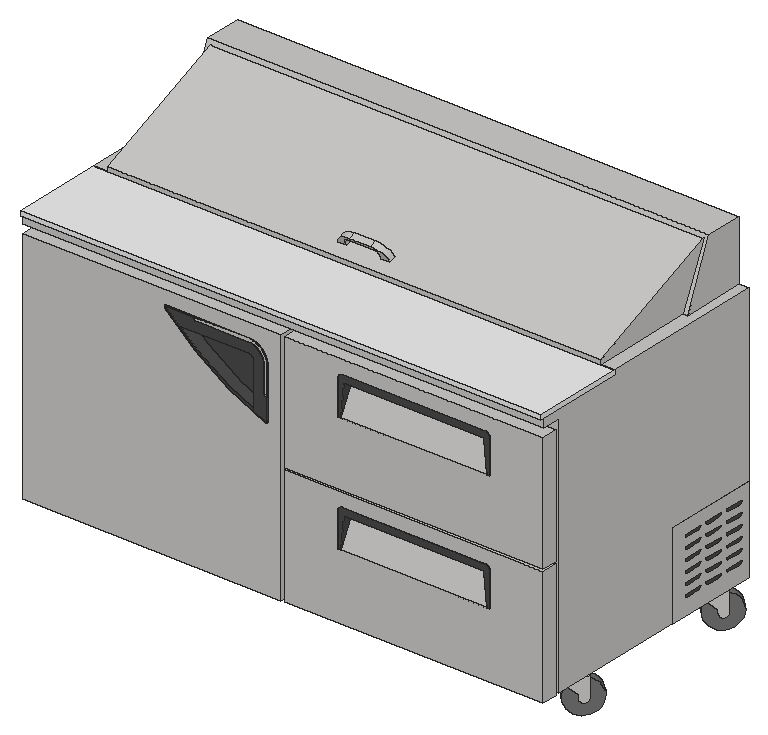
Revit family "QF_Turbo Air_TST-60SD-D29856361a-9434-4bef-91ec-7e6d95d65204", category Specialty Equipment, Revit 2012
Parameters
  Weight in Pounds = 298
  Watermarked By = "http://revitwatermark.com"
  Volts = 115 V
  URL Cutsheet = ""
  URL = "www.turboairinc.com"
  Status [instance] = ""
  Specification by User [instance] = ""
  Specification by Manufacturer [instance] = ""
  Serial Number [instance] = ""
  Revision Code [instance] = ""
  Phase = 1
  Number of Poles [instance] = 1
  NAFEM Spec ID Number [instance] = ""
  Model = "TST-60SD-D2"
  Masterspec [instance] = ""
  Manufacturer = "Turbo Air"  # constant formula
  Legs [instance] = [6 inch Legs]  # no
  Item Number [instance] = "-"
  Installed By [instance] = ""
  HP = "1/2"
  Furnished By [instance] = ""
  Foodservice Equipment Identifier = yes
  FL Amps = 8.9 A
  Electrical Remarks [instance] = ""
  Electric Connection Type [instance] = ""
  Elec Conn RI Height [instance] = 0' - 0"
  Elec Conn Connection Height = 1' - 0"
  Description = "Sandwich/Salad Unit"
  Cycle = 60 Hz
  Conn Plug = "NEMA 5-15P"
  Casters [instance] = not(Legs)  # yes
  CasterLeg Height [instance] = if([4 inch Casters], 0' 5", if([5 inch Casters], 0' 5 3/4", if([2_5 inch Casters], 0' 3 3/8", 0' 6")))  # 0' - 5"
  CSI MasterFormat = "11 41 13"
  Assembly Code = "E1090320"
  Apparent Power = if(Phase = 3, Volts * FL Amps * 1.73, Volts * FL Amps)  # 1023.5 VA
  6 inch Legs [instance] = no
  5 inch Casters [instance] = no
  4 inch Casters [instance] = yes
  2_5 inch Casters [instance] = no
Reference planes (in)
  plane 1 "BACK": y = 0
  plane 2: z = 0
  plane 3 "LEFT": x = -20.78844
  plane 4 "Bottom": z = 5
  plane 5 "Back Stops": y = 1
  plane 6 "RIGHT": x = 39.46156
  plane 7 "Front of Lid": y = -19.375
  plane 8 "FRONT": y = -30
  plane 9 "Door Clearance": y = -57.75
  plane 10 "Back of Door": y = -27.875
  plane 11 "Front of Box": y = -27.375
  plane 12 "Counter Top": z = 35
  plane 13 "TOP": z = 42
  plane 14 "Top of Door": z = 32.5
  plane 15 "Bottom of Cutting Board": z = 34.5
  plane 16 "Handle LR": x = 9.33656
  plane 17 "Lid Clearance": z = 45.5
  plane 18 "Left Lid Cover": x = -19.66344
  plane 19 "Right of Lid Cover": x = 38.33656
  plane 20 "Left of Lid": x = -19.16344
  plane 21 "Right of Lid": x = 37.83656
  plane 22 "Left of Right Door": x = 9.52406
  plane 23 "Right of Left Door": x = 9.14906
  plane 24: y = -42.75
Forms (in)
  Extrusion 1, solid, material "QF_Finishes_Stainless Steel"
    sketch origin (-20.78844, 0, 0) x (0, 1, 0) y (0, 0, 1)
      loop
        line (0, 5) -> (0, 35) -> (-19.375, 35) -> (-19.375, 34.5) -> (-29.625, 34.5) -> (-29.625, 33.5) -> (-27.375, 33.5) -> (-27.375, 5) -> (0, 5)
    from 0 to 60.25
  Extrusion 2, solid, material "QF_Finishes_Black"
    sketch origin (0, -27.375, 0) x (1, 0, 0) y (0, 0, 1)
      loop
        line (-19.78844, 31.5) -> (-19.78844, 6) -> (8.14906, 6) -> (8.14906, 31.5) -> (-19.78844, 31.5)
      loop
        line (38.46156, 6) -> (38.46156, 31.5) -> (10.52406, 31.5) -> (10.52406, 6) -> (38.46156, 6)
    from 0 to 0.5
  Extrusion 3, solid, material "QF_Finishes_Stainless Steel"
    sketch origin (-19.66344, 0, 0) x (0, 1, 0) y (0, 0, 1)
      loop
        line (0, 35) -> (0, 42) -> (-4.25, 42) -> (-7.375, 35) -> (0, 35)
    from 0 to 58
  Extrusion 4, solid, material "QF_Finishes_White"
    sketch origin (0, 0, 34.5) x (0, 1, 0) y (-1, 0, 0)
      loop
        line (-19.375, 20.78844) -> (-30, 20.78844) -> (-30, -39.46156) -> (-19.375, -39.46156) -> (-19.375, 20.78844)
    from 0 to 0.5
  Extrusion 5, solid, material "QF_Finishes_Stainless Steel"
    sketch origin (-19.16344, 0, 0) x (0, 1, 0) y (0, 0, 1)
      loop
        line (-19.375, 35) -> (-7.375, 35) -> (-4.45383, 41.54343) -> (-19.375, 35.5) -> (-19.375, 35)
    from 0 to 57
  Extrusion 6, solid, material "QF_Finishes_Stainless Steel"
    sketch origin (-8.25, -2.56728, -1.00345) x (1, 0, 0) y (0, -0.375401, 0.926862)
      loop
        line (19.58656, 40.14331) -> (20.58656, 40.14331)
        arc (20.58656, 40.14331) -> (19.91185, 41.04872) -> (18.83656, 41.39331) r 1.85
        line (18.83656, 41.39331) -> (16.33656, 41.39331)
        arc (16.33656, 41.39331) -> (15.26127, 41.04872) -> (14.58656, 40.14331) r 1.85
        line (14.58656, 40.14331) -> (15.58656, 40.14331) -> (15.58656, 40.64331)
        arc (15.58656, 40.64331) -> (15.73301, 40.99687) -> (16.08656, 41.14331) r 0.5
        line (16.08656, 41.14331) -> (19.08656, 41.14331)
        arc (19.08656, 41.14331) -> (19.44011, 40.99687) -> (19.58656, 40.64331) r 0.5
        line (19.58656, 40.64331) -> (19.58656, 40.14331)
    from -0.375 to 0.375
  Extrusion 7, solid, material "QF_Finishes_Clearances", detail levels coarse
    sketch origin (-19.16344, 0, 0) x (0, 1, 0) y (0, 0, 1)
      loop
        arc (-9.375, 45.5) -> (-16.44607, 42.57107) -> (-19.375, 35.5) r 10
        line (-19.375, 35.5) -> (-4.45383, 41.54343) -> (-8.87792, 45.446) -> (-9.375, 45.5)
    from 0 to 57
  Extrusion 8, void
    sketch origin (39.46156, 0, 0) x (0, 1, 0) y (0, 0, 1)
      loop
        line (0, 5) -> (0, 15) -> (-11, 15) -> (-11, 5) -> (0, 5)
    from 0 to -1
  Extrusion 9, solid, material "QF_Finishes_Stainless Steel"
    sketch origin (39.46156, 0, 0) x (0, 1, 0) y (0, 0, 1)
      loop
        line (-10.875, 14.875) -> (-10.875, 5) -> (0, 5) -> (0, 14.875) -> (-10.875, 14.875)
      loop
        arc (-9.25, 13.5) -> (-9.10355, 13.14645) -> (-8.75, 13) r 0.5
        line (-8.75, 13) -> (-7.25, 13)
        arc (-7.25, 13) -> (-6.89645, 13.14645) -> (-6.75, 13.5) r 0.5
        line (-6.75, 13.5) -> (-9.25, 13.5)
      loop
        arc (-6.25, 13.5) -> (-6.10355, 13.14645) -> (-5.75, 13) r 0.5
        line (-5.75, 13) -> (-4.25, 13)
        arc (-4.25, 13) -> (-3.89645, 13.14645) -> (-3.75, 13.5) r 0.5
        line (-3.75, 13.5) -> (-6.25, 13.5)
      loop
        arc (-3.25, 13.5) -> (-3.10355, 13.14645) -> (-2.75, 13) r 0.5
        line (-2.75, 13) -> (-1.25, 13)
        arc (-1.25, 13) -> (-0.89645, 13.14645) -> (-0.75, 13.5) r 0.5
        line (-0.75, 13.5) -> (-3.25, 13.5)
      loop
        arc (-9.25, 12.25) -> (-9.10355, 11.89645) -> (-8.75, 11.75) r 0.5
        line (-8.75, 11.75) -> (-7.25, 11.75)
        arc (-7.25, 11.75) -> (-6.89645, 11.89645) -> (-6.75, 12.25) r 0.5
        line (-6.75, 12.25) -> (-9.25, 12.25)
      loop
        arc (-6.25, 12.25) -> (-6.10355, 11.89645) -> (-5.75, 11.75) r 0.5
        line (-5.75, 11.75) -> (-4.25, 11.75)
        arc (-4.25, 11.75) -> (-3.89645, 11.89645) -> (-3.75, 12.25) r 0.5
        line (-3.75, 12.25) -> (-6.25, 12.25)
      loop
        arc (-3.25, 12.25) -> (-3.10355, 11.89645) -> (-2.75, 11.75) r 0.5
        line (-2.75, 11.75) -> (-1.25, 11.75)
        arc (-1.25, 11.75) -> (-0.89645, 11.89645) -> (-0.75, 12.25) r 0.5
        line (-0.75, 12.25) -> (-3.25, 12.25)
      loop
        arc (-9.25, 11) -> (-9.10355, 10.64645) -> (-8.75, 10.5) r 0.5
        line (-8.75, 10.5) -> (-7.25, 10.5)
        arc (-7.25, 10.5) -> (-6.89645, 10.64645) -> (-6.75, 11) r 0.5
        line (-6.75, 11) -> (-9.25, 11)
      loop
        arc (-6.25, 11) -> (-6.10355, 10.64645) -> (-5.75, 10.5) r 0.5
        line (-5.75, 10.5) -> (-4.25, 10.5)
        arc (-4.25, 10.5) -> (-3.89645, 10.64645) -> (-3.75, 11) r 0.5
        line (-3.75, 11) -> (-6.25, 11)
      loop
        arc (-3.25, 11) -> (-3.10355, 10.64645) -> (-2.75, 10.5) r 0.5
        line (-2.75, 10.5) -> (-1.25, 10.5)
        arc (-1.25, 10.5) -> (-0.89645, 10.64645) -> (-0.75, 11) r 0.5
        line (-0.75, 11) -> (-3.25, 11)
      loop
        arc (-9.25, 9.75) -> (-9.10355, 9.39645) -> (-8.75, 9.25) r 0.5
        line (-8.75, 9.25) -> (-7.25, 9.25)
        arc (-7.25, 9.25) -> (-6.89645, 9.39645) -> (-6.75, 9.75) r 0.5
        line (-6.75, 9.75) -> (-9.25, 9.75)
      loop
        arc (-6.25, 9.75) -> (-6.10355, 9.39645) -> (-5.75, 9.25) r 0.5
        line (-5.75, 9.25) -> (-4.25, 9.25)
        arc (-4.25, 9.25) -> (-3.89645, 9.39645) -> (-3.75, 9.75) r 0.5
        line (-3.75, 9.75) -> (-6.25, 9.75)
      loop
        arc (-3.25, 9.75) -> (-3.10355, 9.39645) -> (-2.75, 9.25) r 0.5
        line (-2.75, 9.25) -> (-1.25, 9.25)
        arc (-1.25, 9.25) -> (-0.89645, 9.39645) -> (-0.75, 9.75) r 0.5
        line (-0.75, 9.75) -> (-3.25, 9.75)
      loop
        arc (-9.25, 8.5) -> (-9.10355, 8.14645) -> (-8.75, 8) r 0.5
        line (-8.75, 8) -> (-7.25, 8)
        arc (-7.25, 8) -> (-6.89645, 8.14645) -> (-6.75, 8.5) r 0.5
        line (-6.75, 8.5) -> (-9.25, 8.5)
      loop
        arc (-6.25, 8.5) -> (-6.10355, 8.14645) -> (-5.75, 8) r 0.5
        line (-5.75, 8) -> (-4.25, 8)
        arc (-4.25, 8) -> (-3.89645, 8.14645) -> (-3.75, 8.5) r 0.5
        line (-3.75, 8.5) -> (-6.25, 8.5)
      loop
        arc (-3.25, 8.5) -> (-3.10355, 8.14645) -> (-2.75, 8) r 0.5
        line (-2.75, 8) -> (-1.25, 8)
        arc (-1.25, 8) -> (-0.89645, 8.14645) -> (-0.75, 8.5) r 0.5
        line (-0.75, 8.5) -> (-3.25, 8.5)
      loop
        arc (-9.25, 7.25) -> (-9.10355, 6.89645) -> (-8.75, 6.75) r 0.5
        line (-8.75, 6.75) -> (-7.25, 6.75)
        arc (-7.25, 6.75) -> (-6.89645, 6.89645) -> (-6.75, 7.25) r 0.5
        line (-6.75, 7.25) -> (-9.25, 7.25)
      loop
        arc (-6.25, 7.25) -> (-6.10355, 6.89645) -> (-5.75, 6.75) r 0.5
        line (-5.75, 6.75) -> (-4.25, 6.75)
        arc (-4.25, 6.75) -> (-3.89645, 6.89645) -> (-3.75, 7.25) r 0.5
        line (-3.75, 7.25) -> (-6.25, 7.25)
      loop
        arc (-3.25, 7.25) -> (-3.10355, 6.89645) -> (-2.75, 6.75) r 0.5
        line (-2.75, 6.75) -> (-1.25, 6.75)
        arc (-1.25, 6.75) -> (-0.89645, 6.89645) -> (-0.75, 7.25) r 0.5
        line (-0.75, 7.25) -> (-3.25, 7.25)
    from 0 to -1
  Extrusion 10, solid, material "QF_Finishes_Black"
    sketch origin (39.46156, 0, 0) x (0, 1, 0) y (0, 0, 1)
      loop
        line (-9.875, 13.95221) -> (-9.875, 6.20221) -> (-0.375, 6.20221) -> (-0.375, 13.95221) -> (-9.875, 13.95221)
    from -0.125 to -1
  Extrusion 11, solid, material "QF_Finishes_Black"
    sketch origin (0, 0, 0) x (1, 0, 0) y (0, 0, 1)
      loop
        circle (-14.66344, 30.1875) r 0.5
      loop
        circle (33.33656, 30.1875) r 0.5
    from 0 to -1
  Extrusion 12, solid, material "QF_Finishes_Stainless Steel"
    sketch origin (0, 0, 0) x (1, 0, 0) y (0, 0, 1)
      loop
        circle (35.46156, 11.125) r 0.25
    from 0 to -0.0625
Cuts and joins
  Extrusion 8 cuts Extrusion 1
Lines and regions (in)
  symbolic lines
    curve 1: line (-20.78844, 0, 35) -> (39.46156, 0, 35)
    curve 2: line (-20.78844, -30, 35) -> (-20.78844, 0, 35)
    curve 3: line (39.46156, -30, 35) -> (-20.78844, -30, 35)
    curve 4: line (39.46156, 0, 35) -> (39.46156, -30, 35)
    curve 5: line (-20.78844, -19.375, 35) -> (39.46156, -19.375, 35)
    curve 6: line (33.58656, 1, 35) -> (34.58656, 1, 35)
    curve 7: line (-15.91344, 1, 35) -> (-14.91344, 1, 35)
    curve 8: line (-15.91344, 1, 35) -> (-15.91344, 0, 35)
    curve 9: line (-14.91344, 1, 35) -> (-14.91344, 0, 35)
    curve 10: line (33.58656, 1, 35) -> (33.58656, 0, 35)
    curve 11: line (34.58656, 1, 35) -> (34.58656, 0, 35)
    curve 12: line (7.33656, -17.28956, 35) -> (6.33656, -17.28956, 35)
    curve 13: line (6.33656, -17.28956, 35) -> (6.33656, -17.98471, 35)
    curve 14: line (7.33656, -17.47726, 35) -> (7.33656, -17.28956, 35)
    curve 15: line (10.58656, -18.45396, 35) -> (8.08656, -18.45396, 35)
    curve 16: line (10.83656, -17.66496, 35) -> (7.83656, -17.66496, 35)
    curve 17: line (11.33656, -17.28956, 35) -> (11.33656, -17.47726, 35)
    curve 18: line (12.33656, -17.28956, 35) -> (11.33656, -17.28956, 35)
    curve 19: line (12.33656, -17.98471, 35) -> (12.33656, -17.28956, 35)
    curve 20: spline (12.33656, -17.98471, 35) -> (12.2653, -18.0513, 35) -> (12.17612, -18.11477, 35) -> (12.06997, -18.17445, 35) -> (11.94798, -18.2297, 35) -> (11.81145, -18.27993, 35) -> (11.66185, -18.3246, 35) -> (11.50077, -18.36324, 35) -> (11.32992, -18.39543, 35) -> (11.15114, -18.42083, 35) -> (10.96633, -18.43917, 35) -> (10.77746, -18.45025, 35) -> (10.58656, -18.45396, 35)
    curve 21: spline (7.83656, -17.66496, 35) -> (7.7713, -17.66336, 35) -> (7.70715, -17.65857, 35) -> (7.64522, -17.65067, 35) -> (7.58656, -17.63981, 35) -> (7.53218, -17.62617, 35) -> (7.48301, -17.60998, 35) -> (7.43988, -17.59153, 35) -> (7.40355, -17.57111, 35) -> (7.37462, -17.54909, 35) -> (7.3536, -17.52584, 35) -> (7.34084, -17.50176, 35) -> (7.33656, -17.47726, 35)
    curve 22: spline (11.33656, -17.47726, 35) -> (11.33228, -17.50176, 35) -> (11.31952, -17.52584, 35) -> (11.2985, -17.54909, 35) -> (11.26957, -17.57111, 35) -> (11.23324, -17.59153, 35) -> (11.19011, -17.60998, 35) -> (11.14094, -17.62617, 35) -> (11.08656, -17.63981, 35) -> (11.0279, -17.65067, 35) -> (10.96597, -17.65857, 35) -> (10.90182, -17.66336, 35) -> (10.83656, -17.66496, 35)
    curve 23: spline (8.08656, -18.45396, 35) -> (7.89566, -18.45025, 35) -> (7.70679, -18.43917, 35) -> (7.52198, -18.42083, 35) -> (7.3432, -18.39543, 35) -> (7.17235, -18.36324, 35) -> (7.01127, -18.3246, 35) -> (6.86167, -18.27993, 35) -> (6.72514, -18.2297, 35) -> (6.60315, -18.17445, 35) -> (6.497, -18.11477, 35) -> (6.40782, -18.0513, 35) -> (6.33656, -17.98471, 35)
    curve 40: line (-19.66344, 0, 35) -> (-19.66344, -7.375, 35)
    curve 41: line (38.33656, -7.375, 35) -> (38.33656, 0, 35)
    curve 42: line (-19.66344, -4.25, 35) -> (38.33656, -4.25, 35)
    curve 43: line (-19.16344, -4.25, 35) -> (-19.16344, -19.375, 35)
    curve 44: line (37.83656, -19.375, 35) -> (37.83656, -4.25, 35)
    curve 47: line (37.83656, -7.375, 35) -> (38.33656, -7.375, 35)
    curve 48: line (-19.16344, -7.375, 35) -> (-19.66344, -7.375, 35)
  symbolic lines, style "QF_Surface Details"
    curve 24: line (8.96156, -10.41441, 35) -> (8.96156, -6.42258, 35)
    curve 25: line (2.96156, -10.41441, 35) -> (2.96156, -6.42258, 35)
    curve 26: line (3.96156, -5.42258, 35) -> (7.96156, -5.42258, 35)
    curve 27: line (3.96156, -11.41441, 35) -> (7.96156, -11.41441, 35)
    curve 28: arc (7.96156, -5.42258, 35) -> (8.66867, -5.71547, 35) -> (8.96156, -6.42258, 35) r 1
    curve 29: arc (3.96156, -5.42258, 35) -> (3.25445, -5.71547, 35) -> (2.96156, -6.42258, 35) r 1
    curve 30: arc (2.96156, -10.41441, 35) -> (3.25445, -11.12152, 35) -> (3.96156, -11.41441, 35) r 1
    curve 31: arc (7.96156, -11.41441, 35) -> (8.66867, -11.12152, 35) -> (8.96156, -10.41441, 35) r 1
    curve 32: line (8.96156, -13.41441, 35) -> (8.96156, -17.40625, 35)
    curve 33: line (2.96156, -13.41441, 35) -> (2.96156, -17.40625, 35)
    curve 34: line (3.96156, -18.40625, 35) -> (7.96156, -18.40625, 35)
    curve 35: line (3.96156, -12.41441, 35) -> (7.96156, -12.41441, 35)
    curve 36: arc (7.96156, -18.40625, 35) -> (8.66867, -18.11336, 35) -> (8.96156, -17.40625, 35) r 1
    curve 37: arc (3.96156, -18.40625, 35) -> (3.25445, -18.11336, 35) -> (2.96156, -17.40625, 35) r 1
    curve 38: arc (2.96156, -13.41441, 35) -> (3.25445, -12.70731, 35) -> (3.96156, -12.41441, 35) r 1
    curve 39: arc (7.96156, -12.41441, 35) -> (8.66867, -12.70731, 35) -> (8.96156, -13.41441, 35) r 1
    curve 49: line (2.21156, -10.41441, 35) -> (2.21156, -6.42258, 35)
    curve 50: line (-3.78844, -10.41441, 35) -> (-3.78844, -6.42258, 35)
    curve 51: line (-2.78844, -5.42258, 35) -> (1.21156, -5.42258, 35)
    curve 52: line (-2.78844, -11.41441, 35) -> (1.21156, -11.41441, 35)
    curve 53: arc (1.21156, -5.42258, 35) -> (1.91867, -5.71547, 35) -> (2.21156, -6.42258, 35) r 1
    curve 54: arc (-2.78844, -5.42258, 35) -> (-3.49555, -5.71547, 35) -> (-3.78844, -6.42258, 35) r 1
    curve 55: arc (-3.78844, -10.41441, 35) -> (-3.49555, -11.12152, 35) -> (-2.78844, -11.41441, 35) r 1
    curve 56: arc (1.21156, -11.41441, 35) -> (1.91867, -11.12152, 35) -> (2.21156, -10.41441, 35) r 1
    curve 57: line (2.21156, -13.41441, 35) -> (2.21156, -17.40625, 35)
    curve 58: line (-3.78844, -13.41441, 35) -> (-3.78844, -17.40625, 35)
    curve 59: line (-2.78844, -18.40625, 35) -> (1.21156, -18.40625, 35)
    curve 60: line (-2.78844, -12.41441, 35) -> (1.21156, -12.41441, 35)
    curve 61: arc (1.21156, -18.40625, 35) -> (1.91867, -18.11336, 35) -> (2.21156, -17.40625, 35) r 1
    curve 62: arc (-2.78844, -18.40625, 35) -> (-3.49555, -18.11336, 35) -> (-3.78844, -17.40625, 35) r 1
    curve 63: arc (-3.78844, -13.41441, 35) -> (-3.49555, -12.70731, 35) -> (-2.78844, -12.41441, 35) r 1
    curve 64: arc (1.21156, -12.41441, 35) -> (1.91867, -12.70731, 35) -> (2.21156, -13.41441, 35) r 1
    curve 65: line (-4.53844, -10.41441, 35) -> (-4.53844, -6.42258, 35)
    curve 66: line (-10.53844, -10.41441, 35) -> (-10.53844, -6.42258, 35)
    curve 67: line (-9.53844, -5.42258, 35) -> (-5.53844, -5.42258, 35)
    curve 68: line (-9.53844, -11.41441, 35) -> (-5.53844, -11.41441, 35)
    curve 69: arc (-5.53844, -5.42258, 35) -> (-4.83133, -5.71547, 35) -> (-4.53844, -6.42258, 35) r 1
    curve 70: arc (-9.53844, -5.42258, 35) -> (-10.24555, -5.71547, 35) -> (-10.53844, -6.42258, 35) r 1
    curve 71: arc (-10.53844, -10.41441, 35) -> (-10.24555, -11.12152, 35) -> (-9.53844, -11.41441, 35) r 1
    curve 72: arc (-5.53844, -11.41441, 35) -> (-4.83133, -11.12152, 35) -> (-4.53844, -10.41441, 35) r 1
    curve 73: line (-4.53844, -13.41441, 35) -> (-4.53844, -17.40625, 35)
    curve 74: line (-10.53844, -13.41441, 35) -> (-10.53844, -17.40625, 35)
    curve 75: line (-9.53844, -18.40625, 35) -> (-5.53844, -18.40625, 35)
    curve 76: line (-9.53844, -12.41441, 35) -> (-5.53844, -12.41441, 35)
    curve 77: arc (-5.53844, -18.40625, 35) -> (-4.83133, -18.11336, 35) -> (-4.53844, -17.40625, 35) r 1
    curve 78: arc (-9.53844, -18.40625, 35) -> (-10.24555, -18.11336, 35) -> (-10.53844, -17.40625, 35) r 1
    curve 79: arc (-10.53844, -13.41441, 35) -> (-10.24555, -12.70731, 35) -> (-9.53844, -12.41441, 35) r 1
    curve 80: arc (-5.53844, -12.41441, 35) -> (-4.83133, -12.70731, 35) -> (-4.53844, -13.41441, 35) r 1
    curve 81: line (-11.28844, -10.41441, 35) -> (-11.28844, -6.42258, 35)
    curve 82: line (-17.28844, -10.41441, 35) -> (-17.28844, -6.42258, 35)
    curve 83: line (-16.28844, -5.42258, 35) -> (-12.28844, -5.42258, 35)
    curve 84: line (-16.28844, -11.41441, 35) -> (-12.28844, -11.41441, 35)
    curve 85: arc (-12.28844, -5.42258, 35) -> (-11.58133, -5.71547, 35) -> (-11.28844, -6.42258, 35) r 1
    curve 86: arc (-16.28844, -5.42258, 35) -> (-16.99555, -5.71547, 35) -> (-17.28844, -6.42258, 35) r 1
    curve 87: arc (-17.28844, -10.41441, 35) -> (-16.99555, -11.12152, 35) -> (-16.28844, -11.41441, 35) r 1
    curve 88: arc (-12.28844, -11.41441, 35) -> (-11.58133, -11.12152, 35) -> (-11.28844, -10.41441, 35) r 1
    curve 89: line (-11.28844, -13.41441, 35) -> (-11.28844, -17.40625, 35)
    curve 90: line (-17.28844, -13.41441, 35) -> (-17.28844, -17.40625, 35)
    curve 91: line (-16.28844, -18.40625, 35) -> (-12.28844, -18.40625, 35)
    curve 92: line (-16.28844, -12.41441, 35) -> (-12.28844, -12.41441, 35)
    curve 93: arc (-12.28844, -18.40625, 35) -> (-11.58133, -18.11336, 35) -> (-11.28844, -17.40625, 35) r 1
    curve 94: arc (-16.28844, -18.40625, 35) -> (-16.99555, -18.11336, 35) -> (-17.28844, -17.40625, 35) r 1
    curve 95: arc (-17.28844, -13.41441, 35) -> (-16.99555, -12.70731, 35) -> (-16.28844, -12.41441, 35) r 1
    curve 96: arc (-12.28844, -12.41441, 35) -> (-11.58133, -12.70731, 35) -> (-11.28844, -13.41441, 35) r 1
    curve 97: line (16.46156, -10.41441, 35) -> (16.46156, -6.42258, 35)
    curve 98: line (22.46156, -10.41441, 35) -> (22.46156, -6.42258, 35)
    curve 99: line (21.46156, -5.42258, 35) -> (17.46156, -5.42258, 35)
    curve 100: line (21.46156, -11.41441, 35) -> (17.46156, -11.41441, 35)
    curve 101: arc (17.46156, -5.42258, 35) -> (16.75445, -5.71547, 35) -> (16.46156, -6.42258, 35) r 1
    curve 102: arc (21.46156, -5.42258, 35) -> (22.16867, -5.71547, 35) -> (22.46156, -6.42258, 35) r 1
    curve 103: arc (22.46156, -10.41441, 35) -> (22.16867, -11.12152, 35) -> (21.46156, -11.41441, 35) r 1
    curve 104: arc (17.46156, -11.41441, 35) -> (16.75445, -11.12152, 35) -> (16.46156, -10.41441, 35) r 1
    curve 105: line (16.46156, -13.41441, 35) -> (16.46156, -17.40625, 35)
    curve 106: line (22.46156, -13.41441, 35) -> (22.46156, -17.40625, 35)
    curve 107: line (21.46156, -18.40625, 35) -> (17.46156, -18.40625, 35)
    curve 108: line (21.46156, -12.41441, 35) -> (17.46156, -12.41441, 35)
    curve 109: arc (17.46156, -18.40625, 35) -> (16.75445, -18.11336, 35) -> (16.46156, -17.40625, 35) r 1
    curve 110: arc (21.46156, -18.40625, 35) -> (22.16867, -18.11336, 35) -> (22.46156, -17.40625, 35) r 1
    curve 111: arc (22.46156, -13.41441, 35) -> (22.16867, -12.70731, 35) -> (21.46156, -12.41441, 35) r 1
    curve 112: arc (17.46156, -12.41441, 35) -> (16.75445, -12.70731, 35) -> (16.46156, -13.41441, 35) r 1
    curve 113: line (23.21156, -10.41441, 35) -> (23.21156, -6.42258, 35)
    curve 114: line (29.21156, -10.41441, 35) -> (29.21156, -6.42258, 35)
    curve 115: line (28.21156, -5.42258, 35) -> (24.21156, -5.42258, 35)
    curve 116: line (28.21156, -11.41441, 35) -> (24.21156, -11.41441, 35)
    curve 117: arc (24.21156, -5.42258, 35) -> (23.50445, -5.71547, 35) -> (23.21156, -6.42258, 35) r 1
    curve 118: arc (28.21156, -5.42258, 35) -> (28.91867, -5.71547, 35) -> (29.21156, -6.42258, 35) r 1
    curve 119: arc (29.21156, -10.41441, 35) -> (28.91867, -11.12152, 35) -> (28.21156, -11.41441, 35) r 1
    curve 120: arc (24.21156, -11.41441, 35) -> (23.50445, -11.12152, 35) -> (23.21156, -10.41441, 35) r 1
    curve 121: line (23.21156, -13.41441, 35) -> (23.21156, -17.40625, 35)
    curve 122: line (29.21156, -13.41441, 35) -> (29.21156, -17.40625, 35)
    curve 123: line (28.21156, -18.40625, 35) -> (24.21156, -18.40625, 35)
    curve 124: line (28.21156, -12.41441, 35) -> (24.21156, -12.41441, 35)
    curve 125: arc (24.21156, -18.40625, 35) -> (23.50445, -18.11336, 35) -> (23.21156, -17.40625, 35) r 1
    curve 126: arc (28.21156, -18.40625, 35) -> (28.91867, -18.11336, 35) -> (29.21156, -17.40625, 35) r 1
    curve 127: arc (29.21156, -13.41441, 35) -> (28.91867, -12.70731, 35) -> (28.21156, -12.41441, 35) r 1
    curve 128: arc (24.21156, -12.41441, 35) -> (23.50445, -12.70731, 35) -> (23.21156, -13.41441, 35) r 1
    curve 129: line (29.96156, -10.41441, 35) -> (29.96156, -6.42258, 35)
    curve 130: line (35.96156, -10.41441, 35) -> (35.96156, -6.42258, 35)
    curve 131: line (34.96156, -5.42258, 35) -> (30.96156, -5.42258, 35)
    curve 132: line (34.96156, -11.41441, 35) -> (30.96156, -11.41441, 35)
    curve 133: arc (30.96156, -5.42258, 35) -> (30.25445, -5.71547, 35) -> (29.96156, -6.42258, 35) r 1
    curve 134: arc (34.96156, -5.42258, 35) -> (35.66867, -5.71547, 35) -> (35.96156, -6.42258, 35) r 1
    curve 135: arc (35.96156, -10.41441, 35) -> (35.66867, -11.12152, 35) -> (34.96156, -11.41441, 35) r 1
    curve 136: arc (30.96156, -11.41441, 35) -> (30.25445, -11.12152, 35) -> (29.96156, -10.41441, 35) r 1
    curve 137: line (29.96156, -13.41441, 35) -> (29.96156, -17.40625, 35)
    curve 138: line (35.96156, -13.41441, 35) -> (35.96156, -17.40625, 35)
    curve 139: line (34.96156, -18.40625, 35) -> (30.96156, -18.40625, 35)
    curve 140: line (34.96156, -12.41441, 35) -> (30.96156, -12.41441, 35)
    curve 141: arc (30.96156, -18.40625, 35) -> (30.25445, -18.11336, 35) -> (29.96156, -17.40625, 35) r 1
    curve 142: arc (34.96156, -18.40625, 35) -> (35.66867, -18.11336, 35) -> (35.96156, -17.40625, 35) r 1
    curve 143: arc (35.96156, -13.41441, 35) -> (35.66867, -12.70731, 35) -> (34.96156, -12.41441, 35) r 1
    curve 144: arc (30.96156, -12.41441, 35) -> (30.25445, -12.70731, 35) -> (29.96156, -13.41441, 35) r 1
    curve 145: line (9.71156, -10.41441, 35) -> (9.71156, -6.42258, 35)
    curve 146: line (15.71156, -10.41441, 35) -> (15.71156, -6.42258, 35)
    curve 147: line (14.71156, -5.42258, 35) -> (10.71156, -5.42258, 35)
    curve 148: line (14.71156, -11.41441, 35) -> (10.71156, -11.41441, 35)
    curve 149: arc (10.71156, -5.42258, 35) -> (10.00445, -5.71547, 35) -> (9.71156, -6.42258, 35) r 1
    curve 150: arc (14.71156, -5.42258, 35) -> (15.41867, -5.71547, 35) -> (15.71156, -6.42258, 35) r 1
    curve 151: arc (15.71156, -10.41441, 35) -> (15.41867, -11.12152, 35) -> (14.71156, -11.41441, 35) r 1
    curve 152: arc (10.71156, -11.41441, 35) -> (10.00445, -11.12152, 35) -> (9.71156, -10.41441, 35) r 1
    curve 153: line (9.71156, -13.41441, 35) -> (9.71156, -17.40625, 35)
    curve 154: line (15.71156, -13.41441, 35) -> (15.71156, -17.40625, 35)
    curve 155: line (14.71156, -18.40625, 35) -> (10.71156, -18.40625, 35)
    curve 156: line (14.71156, -12.41441, 35) -> (10.71156, -12.41441, 35)
    curve 157: arc (10.71156, -18.40625, 35) -> (10.00445, -18.11336, 35) -> (9.71156, -17.40625, 35) r 1
    curve 158: arc (14.71156, -18.40625, 35) -> (15.41867, -18.11336, 35) -> (15.71156, -17.40625, 35) r 1
    curve 159: arc (15.71156, -13.41441, 35) -> (15.41867, -12.70731, 35) -> (14.71156, -12.41441, 35) r 1
    curve 160: arc (10.71156, -12.41441, 35) -> (10.00445, -12.70731, 35) -> (9.71156, -13.41441, 35) r 1
  symbolic lines, style "QF_Clearances", detail levels coarse
    curve 45: line (-20.78844, -30, 35) -> (-20.78844, -57.75, 35)
    curve 46: arc (-20.78844, -57.75, 35) -> (-0.38623, -49.74432, 35) -> (9.12707, -30, 35) r 30
  symbolic lines, style "QF_Clearances"
    curve 161: line (9.52406, -30, 35) -> (9.52406, -42.75, 35)
    curve 162: line (9.52406, -42.75, 35) -> (39.46156, -42.75, 35)
    curve 163: line (39.46156, -42.75, 35) -> (39.46156, -30, 35)
Dimensions and locks (in)
  "CasterLeg Height": plane 4 "Bottom" to plane 2
  locked: plane 1 "BACK" to plane 5 "Back Stops" at 1
  locked: plane 6 "RIGHT" to plane 3 "LEFT" at 60.25
  locked: plane 7 "Front of Lid" to plane 1 "BACK" at 19.375
  locked: plane 8 "FRONT" to plane 1 "BACK" at 30
  locked: plane 10 "Back of Door" to plane 1 "BACK" at 27.875
  locked: plane 10 "Back of Door" to plane 11 "Front of Box" at 0.5
  locked: plane 9 "Door Clearance" to plane 1 "BACK" at 57.75
  locked: plane 13 "TOP" to plane 12 "Counter Top" at 7
  locked: plane 12 "Counter Top" to plane 4 "Bottom" at 30
  locked: plane 12 "Counter Top" to plane 15 "Bottom of Cutting Board" at 0.5
  locked: plane 14 "Top of Door" to plane 4 "Bottom" at 27.5
  locked: plane 14 "Top of Door" to Extrusion 2 sketch curve at 1  (x2)
  locked: Extrusion 2 sketch curve to plane 3 "LEFT" at 1
  locked: Extrusion 2 sketch curve to plane 4 "Bottom" at 1  (x2)
  locked: Extrusion 2 sketch curve to plane 6 "RIGHT" at 1
  locked: plane 1 "BACK" to Extrusion 3 sketch curve at 4.25
  locked: plane 1 "BACK" to Extrusion 3 sketch curve at 7.375
  locked: plane 17 "Lid Clearance" to plane 12 "Counter Top" at 10.5
  locked: Extrusion 5 sketch curve to plane 12 "Counter Top" at 0.5
  locked: plane 13 "TOP" to Extrusion 5 sketch curve at 0.45657
  locked: plane 1 "BACK" to Extrusion 5 sketch curve at 4.45383
  locked: plane 1 "BACK" to Extrusion 5 sketch curve at 7.375
  locked: Extrusion 6 to plane 12 "Counter Top" at 2.22168
  locked: Extrusion 6 to plane 12 "Counter Top" at 2.50323
  locked: plane 13 "TOP" to Extrusion 7 sketch curve at 0.45657
  locked: plane 17 "Lid Clearance" to Extrusion 7 sketch curve at 0.054
  locked: Extrusion 8 sketch curve to plane 1 "BACK" at 11
  locked: Extrusion 8 sketch curve to plane 4 "Bottom" at 10
  locked: plane 4 "Bottom" to Extrusion 9 sketch curve at 9.875
  locked: Extrusion 9 sketch curve to plane 1 "BACK" at 10.875
  locked: Extrusion 10 sketch curve to Extrusion 10 sketch curve at 7.75
  locked: Extrusion 10 sketch curve to plane 4 "Bottom" at 1.20221
  locked: Extrusion 10 sketch curve to Extrusion 10 sketch curve at 9.5
  locked: Extrusion 10 sketch curve to plane 1 "BACK" at 0.375
  locked: nested 1 to plane 1 "BACK" at 2.5625
  locked: plane 3 "LEFT" to nested 1 at 2.5
  locked: plane 3 "LEFT" to nested 2 at 2.5
  locked: plane 11 "Front of Box" to nested 2 at 4.625
  locked: nested 3 to plane 6 "RIGHT" at 2.5
  locked: nested 4 to plane 6 "RIGHT" at 2.5
  locked: plane 11 "Front of Box" to nested 4 at 4.625
  locked: nested 3 to plane 1 "BACK" at 2.5625
  locked: plane 12 "Counter Top" to Extrusion 11 sketch curve at 4.8125  (x2)
  locked: plane 6 "RIGHT" to Extrusion 11 sketch curve at 6.125
  locked: Extrusion 11 sketch curve to plane 3 "LEFT" at 6.125
  locked: Extrusion 12 sketch curve to plane 4 "Bottom" at 6.125
  locked: plane 6 "RIGHT" to Extrusion 12 sketch curve at 4
  locked: Extrusion 1 sketch curve to plane 15 "Bottom of Cutting Board" at 1
  locked: Extrusion 1 sketch curve to plane 8 "FRONT" at 0.375
  equal spacing: plane 3 "LEFT", plane 16 "Handle LR", plane 6 "RIGHT"
  locked: plane 18 "Left Lid Cover" to plane 20 "Left of Lid" at 0.5
  locked: plane 21 "Right of Lid" to plane 19 "Right of Lid Cover" at 0.5
  plane 23 "Right of Left Door" to plane 16 "Handle LR" to plane 22 "Left of Right Door" = 0' - 0 3/16" locked, 0' - 0 3/16" locked
  locked: Extrusion 2 sketch curve to plane 23 "Right of Left Door" at 1
  locked: Extrusion 2 sketch curve to plane 22 "Left of Right Door" at 1
  locked: plane 3 "LEFT" to plane 18 "Left Lid Cover" at 1.125
  locked: plane 19 "Right of Lid Cover" to plane 6 "RIGHT" at 1.125
  locked: plane 24 to plane 1 "BACK" at 42.75
  aligned and locked: level to plane 2
  aligned and locked: Extrusion 1 sketch curve to plane 1 "BACK"
  aligned and locked: Extrusion 1 sketch curve to plane 4 "Bottom"
  aligned and locked: plane 11 "Front of Box" to Extrusion 1 sketch curve
  aligned and locked: plane 6 "RIGHT" to Extrusion 1
  aligned and locked: plane 10 "Back of Door" to Extrusion 2
  aligned and locked: Extrusion 1 sketch curve to plane 12 "Counter Top"
  aligned and locked: Extrusion 3 sketch curve to plane 13 "TOP"
  aligned and locked: plane 1 "BACK" to Extrusion 3 sketch curve
  aligned and locked: Extrusion 3 sketch curve to plane 12 "Counter Top"
  aligned and locked: plane 7 "Front of Lid" to Extrusion 4 sketch curve
  aligned and locked: plane 3 "LEFT" to Extrusion 4 sketch curve
  aligned and locked: Extrusion 4 sketch curve to plane 8 "FRONT"
  aligned and locked: Extrusion 4 sketch curve to plane 6 "RIGHT"
  aligned and locked: plane 12 "Counter Top" to Extrusion 4
  aligned and locked: plane 12 "Counter Top" to Extrusion 5 sketch curve
  aligned and locked: plane 7 "Front of Lid" to Extrusion 5 sketch curve
  aligned and locked: Extrusion 6 to Extrusion 5
  aligned and locked: plane 7 "Front of Lid" to Extrusion 7 sketch curve
  aligned and locked: plane 17 "Lid Clearance" to Extrusion 7 sketch curve
  aligned and locked: Extrusion 8 sketch curve to plane 1 "BACK"
  aligned and locked: Extrusion 8 sketch curve to plane 4 "Bottom"
  aligned and locked: Extrusion 11 to plane 5 "Back Stops"
  aligned and locked: plane 1 "BACK" to curve 1
  aligned and locked: curve 4 to plane 6 "RIGHT"
  aligned and locked: plane 3 "LEFT" to curve 2
  aligned and locked: curve 3 to plane 8 "FRONT"
  aligned and locked: curve 6 to Extrusion 11
  aligned and locked: curve 7 to Extrusion 11
  aligned and locked: curve 12 to Extrusion 6
  aligned and locked: curve 13 to Extrusion 6
  aligned and locked: Extrusion 6 to curve 14
  aligned and locked: curve 15 to Extrusion 6
  aligned and locked: curve 16 to Extrusion 6
  aligned and locked: curve 17 to Extrusion 6
  aligned and locked: curve 18 to Extrusion 6
  aligned and locked: curve 19 to Extrusion 6
  aligned and locked: Extrusion 1 sketch curve to plane 7 "Front of Lid"
  aligned and locked: plane 15 "Bottom of Cutting Board" to Extrusion 1 sketch curve
  aligned and locked: plane 19 "Right of Lid Cover" to Extrusion 3
  aligned and locked: plane 21 "Right of Lid" to Extrusion 7
  aligned and locked: plane 21 "Right of Lid" to Extrusion 5
  aligned and locked: curve 40 to Extrusion 3
  aligned and locked: Extrusion 3 to curve 41
  aligned and locked: curve 42 to Extrusion 3
  aligned and locked: curve 43 to Extrusion 7
  aligned and locked: curve 44 to Extrusion 7
  aligned and locked: cut or joined group of Extrusion 1, Extrusion 8 to plane 4 "Bottom"
  aligned and locked: nested 5 to plane 23 "Right of Left Door"
  aligned and locked: nested 5 to plane 4 "Bottom"
  aligned and locked: plane 3 "LEFT" to nested 5
  aligned and locked: plane 22 "Left of Right Door" to nested 6
  aligned and locked: plane 6 "RIGHT" to nested 6
  aligned and locked: nested 6 to plane 4 "Bottom"
Automatic sketch dimensions
  plane 1 "BACK" to Extrusion 7 sketch curve = 0' - 9 3/8"
  Extrusion 7 sketch curve to Extrusion 7 sketch curve = 0' - 0.49708"
  plane 1 "BACK" to Extrusion 7 sketch curve = 0' - 4.45383"
  Extrusion 6 sketch curve to plane 23 "Right of Left Door" = 0' - 2 13/16"
  Extrusion 6 sketch curve to Extrusion 6 sketch curve = 0' - 1"  (x2)
  Extrusion 6 sketch curve to Extrusion 6 sketch curve = 0' - 0 1/2"  (x3)
  Extrusion 6 sketch curve to Extrusion 6 sketch curve = 0' - 0 3/4"
  plane 22 "Left of Right Door" to Extrusion 6 sketch curve = 0' - 1 1/16"
  Extrusion 6 sketch curve to Extrusion 6 sketch curve = 0' - 0 1/4"
  Extrusion 6 sketch curve to Extrusion 6 sketch curve = 0' - 0"
  Extrusion 6 sketch curve to Extrusion 6 sketch curve = 0' - 0.6"
  Extrusion 9 sketch curve to plane 1 "BACK" = 0' - 0"
  Extrusion 9 sketch curve to plane 4 "Bottom" = 0' - 0"
  Extrusion 9 sketch curve to Extrusion 9 sketch curve = 0' - 1 5/8"  (x2)
  Extrusion 9 sketch curve to Extrusion 9 sketch curve = 0' - 0"  (x14)
  Extrusion 9 sketch curve to Extrusion 9 sketch curve = 0' - 0 1/2"  (x31)
  Extrusion 9 sketch curve to Extrusion 9 sketch curve = 0' - 1 1/2"  (x5)
  plane 1 "BACK" to Extrusion 9 sketch curve = 0' - 1 1/4"  (x3)
  plane 4 "Bottom" to Extrusion 9 sketch curve = 0' - 1 3/4"  (x2)
  Extrusion 9 sketch curve to Extrusion 9 sketch curve = 0' - 0 3/4"  (x15)
  plane 9 "Door Clearance" to curve 46 = 0' - 0"
  curve 162 to plane 22 "Left of Right Door" = 0' - 0"
  plane 24 to curve 162 = 0' - 0"
  plane 7 "Front of Lid" to curve 43 = 0' - 0"
  curve 46 to plane 10 "Back of Door" = 0' - 0 1/8"
  curve 139 to plane 7 "Front of Lid" = 0' - 0 31/32"
  curve 61 to plane 7 "Front of Lid" = 0' - 0 31/32"
  curve 155 to plane 7 "Front of Lid" = 0' - 0 31/32"
  curve 75 to plane 7 "Front of Lid" = 0' - 0 31/32"
  curve 126 to plane 7 "Front of Lid" = 0' - 0 31/32"
  curve 37 to plane 7 "Front of Lid" = 0' - 0 31/32"
  curve 91 to plane 7 "Front of Lid" = 0' - 0 31/32"
  curve 107 to plane 7 "Front of Lid" = 0' - 0 31/32"
  curve 23 to curve 12 = 0' - 0.69515"
  curve 20 to curve 18 = 0' - 0.69515"
  curve 23 to curve 16 = 0' - 0.0945"
  curve 20 to curve 16 = 0' - 0.0945"
  curve 16 to curve 22 = 0' - 0.1877"
  curve 21 to curve 12 = 0' - 0.1877"
  curve 93 to curve 93 = 0' - 1"
  curve 91 to curve 94 = 0' - 1"
  curve 32 to plane 23 "Right of Left Door" = 0' - 0 3/16"
  curve 21 to curve 32 = 0' - 0.07101"
  curve 37 to curve 33 = 0' - 1"
  curve 107 to curve 105 = 0' - 1"
  curve 107 to curve 106 = 0' - 1"
  curve 106 to curve 125 = 0' - 0"
  curve 89 to curve 78 = 0' - 0"
  curve 123 to curve 126 = 0' - 1"
  curve 75 to curve 77 = 0' - 1"
  curve 122 to curve 137 = 0' - 0"
  curve 154 to curve 105 = 0' - 0"
  curve 22 to curve 157 = 0' - 0.07101"
  curve 142 to curve 138 = 0' - 1"
  curve 73 to curve 62 = 0' - 0"
  curve 61 to curve 37 = 0' - 0"
  curve 105 to curve 105 = 0' - 3.99184"
  curve 106 to curve 106 = 0' - 3.99184"
  curve 143 to plane 21 "Right of Lid" = 0' - 1 7/8"
  curve 142 to curve 143 = 0' - 3.99184"
  curve 57 to curve 57 = 0' - 3.99184"
  curve 58 to curve 58 = 0' - 3.99184"
  plane 22 "Left of Right Door" to curve 160 = 0' - 0 3/16"
  curve 153 to curve 160 = 0' - 3.99184"
  curve 93 to curve 89 = 0' - 3.99184"
  curve 64 to curve 38 = 0' - 0"
  plane 20 "Left of Lid" to curve 90 = 0' - 1 7/8"
  curve 90 to curve 90 = 0' - 3.99184"
  curve 159 to curve 112 = 0' - 0"
  curve 106 to curve 121 = 0' - 0"
  curve 122 to curve 122 = 0' - 3.99184"
  curve 127 to curve 144 = 0' - 0"
  curve 80 to curve 58 = 0' - 0"
  curve 89 to curve 79 = 0' - 0"
  curve 39 to curve 153 = 0' - 0"
  curve 159 to curve 156 = 0' - 1"
  curve 95 to curve 92 = 0' - 1"
  curve 79 to curve 76 = 0' - 1"
  curve 38 to curve 35 = 0' - 1"
  curve 127 to curve 127 = 0' - 1"
  curve 112 to curve 108 = 0' - 1"
  curve 144 to curve 144 = 0' - 1"
  curve 64 to curve 64 = 0' - 1"
  curve 92 to curve 87 = 0' - 1"
  curve 127 to curve 116 = 0' - 1"
  curve 38 to curve 27 = 0' - 1"
  curve 160 to curve 152 = 0' - 1"
  curve 76 to curve 72 = 0' - 1"
  curve 143 to curve 132 = 0' - 1"
  curve 60 to curve 52 = 0' - 1"
  curve 108 to curve 104 = 0' - 1"
  curve 68 to curve 72 = 0' - 1"
  plane 22 "Left of Right Door" to curve 152 = 0' - 0 3/16"
  curve 148 to curve 152 = 0' - 1"
  curve 148 to curve 151 = 0' - 1"
  curve 103 to curve 103 = 0' - 1"
  curve 55 to curve 55 = 0' - 1"
  curve 104 to curve 104 = 0' - 1"
  curve 30 to curve 30 = 0' - 1"
  curve 56 to curve 56 = 0' - 1"
  curve 27 to curve 31 = 0' - 1"
  curve 68 to curve 66 = 0' - 1"
  curve 132 to curve 136 = 0' - 1"
  curve 88 to curve 66 = 0' - 0"
  curve 87 to curve 87 = 0' - 1"
  curve 135 to curve 135 = 0' - 1"
  curve 98 to curve 113 = 0' - 0"
  curve 114 to curve 136 = 0' - 0"
  curve 48 to curve 42 = 0' - 3 1/8"
  curve 47 to curve 42 = 0' - 3 1/8"
  curve 48 to curve 82 = 0' - 0.95242"
  curve 146 to curve 150 = 0' - 3.99184"
  curve 25 to curve 25 = 0' - 3.99184"
  curve 119 to curve 118 = 0' - 3.99184"
  curve 113 to curve 117 = 0' - 3.99184"
  curve 81 to curve 81 = 0' - 3.99184"
  curve 24 to plane 23 "Right of Left Door" = 0' - 0 3/16"
  curve 24 to curve 24 = 0' - 3.99184"
  curve 102 to curve 113 = 0' - 0"
  curve 53 to curve 25 = 0' - 0"
  curve 150 to curve 101 = 0' - 0"
  curve 24 to curve 149 = 0' - 0"
  curve 55 to curve 54 = 0' - 3.99184"
  curve 85 to curve 70 = 0' - 0"
  curve 114 to curve 129 = 0' - 0"
  curve 47 to curve 130 = 0' - 0.95242"
  curve 69 to curve 50 = 0' - 0"
  curve 70 to curve 67 = 0' - 1"
  curve 29 to curve 29 = 0' - 1"
  curve 54 to curve 51 = 0' - 1"
  curve 86 to curve 86 = 0' - 1"
  curve 134 to curve 134 = 0' - 1"
  curve 102 to curve 99 = 0' - 1"
  curve 150 to curve 147 = 0' - 1"
  curve 118 to curve 115 = 0' - 1"
  curve 130 to plane 21 "Right of Lid" = 0' - 1 7/8"
  curve 11 to plane 21 "Right of Lid" = 0' - 3 1/4"
  curve 6 to curve 10 = 0' - 1"
  curve 140 to curve 140 = 0' - 4"
  curve 131 to curve 133 = 0' - 4"
  curve 141 to curve 126 = 0' - 0 3/4"
  curve 136 to curve 114 = 0' - 0 3/4"
  curve 126 to curve 125 = 0' - 4"
  curve 120 to curve 124 = 0' - 0"
  curve 113 to curve 102 = 0' - 0 3/4"
  curve 121 to curve 111 = 0' - 0 3/4"
  curve 107 to curve 107 = 0' - 4"
  curve 99 to curve 99 = 0' - 4"
  curve 105 to curve 154 = 0' - 0 3/4"
  curve 101 to curve 146 = 0' - 0 3/4"
  curve 20 to curve 19 = 0' - 0.1"
  curve 16 to curve 20 = 0' - 0 1/4"
  plane 22 "Left of Right Door" to curve 23 = 0' - 0.4125"
  curve 21 to curve 23 = 0' - 0 1/4"
  curve 31 to curve 30 = 0' - 4"
  curve 35 to curve 27 = 0' - 0"
  curve 33 to curve 57 = 0' - 0 3/4"
  curve 30 to curve 56 = 0' - 0 3/4"
  curve 61 to curve 59 = 0' - 4"
  curve 52 to curve 60 = 0' - 0"
  curve 50 to curve 72 = 0' - 0 3/4"
  curve 58 to curve 77 = 0' - 0 3/4"
  curve 72 to curve 71 = 0' - 4"
  curve 79 to curve 68 = 0' - 0"
  curve 74 to curve 89 = 0' - 0 3/4"
  curve 66 to curve 85 = 0' - 0 3/4"
  plane 20 "Left of Lid" to curve 9 = 0' - 4 1/4"
  curve 9 to curve 8 = 0' - 1"
  curve 87 to curve 92 = 0' - 0"
  radius of Extrusion 11 sketch curve = 0' - 0 1/2"  (x2)
  radius of Extrusion 12 sketch curve = 0' - 0 1/4"
Nested families (in)
  nested 1: "FESCasterLeg" at (-18.28844, -2.5625, 0), Legs <- "Legs", Casters <- "Casters", Height <- "CasterLeg Height", type "FESCasterLeg"
    with Legs no, Height 0' - 5", Casters yes, Caster Radius 0' - 2"
  nested 2: "FESCasterLeg" at (-18.28844, -22.75, 0), Legs <- "Legs", Casters <- "Casters", Height <- "CasterLeg Height", type "FESCasterLeg"
    with Legs no, Height 0' - 5", Casters yes, Caster Radius 0' - 2"
  nested 3: "FESCasterLeg" at (36.96156, -2.5625, 0), Legs <- "Legs", Casters <- "Casters", Height <- "CasterLeg Height", type "FESCasterLeg"
    with Legs no, Height 0' - 5", Casters yes, Caster Radius 0' - 2"
  nested 4: "FESCasterLeg" at (36.96156, -22.75, 0), Legs <- "Legs", Casters <- "Casters", Height <- "CasterLeg Height", type "FESCasterLeg"
    with Legs no, Height 0' - 5", Casters yes, Caster Radius 0' - 2"
  nested 5: "QF_Turbo Air_TBL_Door-2" at (-5.61177, -27.875, 5), type "QF_Turbo Air_TBL_Door-2"
    with Width 2' - 5 15/16", Symbolic Lines no, Height 2' - 3 1/2", Depth 0' - 1 13/16"
  nested 6: "QF_Turbo Air_TBL_Drawer" at (24.70073, -27.875, 5), type "QF_Turbo Air_TBL_Drawer"
    with Width 2' - 5 15/16", Symbolic Lines no, Height 2' - 3 1/2", Depth 0' - 1 13/16"
Connectors (in)
  electrical at (35.46156, 0.0625, 11.125), driven by "Number of Poles", driven by "Volts", driven by "Apparent Power"
    settings: on Extrusion 12, index 1, voltage 115 V, apparent load 1023.5 VA, apparent load phase1 0 VA, apparent load phase2 0 VA, apparent load phase3 0 VA, power factor 1, load classification "Other", number of poles 1, system type 30, power factor state 1, is connector primary yes, connector utility no, sub classification motor no, connector description ""
Definition of nested family "FESCasterLeg"
  Parameters (values of type "FESCasterLeg")
    Watermarked By = "http://revitwatermark.com"
    Type Comments = "⍁⍉⌁⌀⏭⎽⌇⍠⌜⍉⎖⌥⌦⌯⍭⏊⍻⍿⍊⏵⍊⏗⏠⍴⎡⌈⎀⍠⌓⌤⏘⎐⍀⌐⏬⏁⎈⏍⏦⎒⏬⌝⍩⍇⌣〈⎫〉⎁⏊⍥⍖⍥⍝⍦⌖⍀⏌⏭⎝⎼⏷⏞⍻⏯⎽⏷⏞⍻⏯⎽⏷⎺⌻⎝⍎⌧⏷⏟⏿⌿⍜⍦⍤⌁⍬⏶⏎⍊⏚⏉⎞⌡⎀⎪⏈⌟⌿⍾⍼⌟⌿⌢⌞⏜⏝⎽⍷⍷⍯⍧⍷⌯⍽⏸⏨⏾⏎⌣⏺⍹⏼⏅⎏⌽⎫⎪⍙⎓⏗⎗⏅⌴⍏⍏⍿⏑⎺⍘⌭⏲⍥⎛⎾⎾⍞⍌⎪⎲⌙⎥⏏⎟⎟⏼⏘⎏⎝⏧⏍⏁⍏⍧⏯⏾⌟"
    Legs [instance] = yes
    Height [instance] = 0' - 6"
    Caster Radius [instance] = if(Height < 0' 3", 0' 1", (Height / 2) - 0' 0 1/2")  # 0' - 2 1/2"
    Casters [instance] = yes
    Assembly Code = ""
  Reference planes (in)
    plane 1 "Center (Front/Back)": y = 0
    plane 2: z = 0
    plane 3 "Center (Left/Right)": x = 0
    plane 4: z = 6
    plane 5: z = 5.5
  Forms (in)
    Extrusion 1, solid, material "QF_Finishes_Stainless Steel", visible <- "Casters"
      sketch origin (-24.12131, -22.88887, 10.18833) x (0.707107, 0.707107, 0) y (0, 0, 1)
        loop
          line (34.98772, -7.68833) -> (34.98772, -4.93833) -> (34.48772, -4.93833) -> (34.39402, -4.68833) -> (32.39402, -4.68833) -> (32.39402, -5.43833) -> (33.98772, -7.34206) -> (33.98772, -7.68833)
          arc (33.98772, -7.68833) -> (34.48772, -8.18833) -> (34.98772, -7.68833) r 0.5
      from 0 to 1.75
    Extrusion 2, solid, material "QF_Finishes_Rubber Black", visible <- "Casters"
      sketch origin (-24.32327, -23.09083, 13.31461) x (0.707107, 0.707107, 0) y (0, 0, 1)
        loop
          circle (34.77334, -10.81461) r 2.5
      from 0.375 to 1.375
    Extrusion 3, solid, material "QF_Finishes_Stainless Steel", visible <- "Casters"
      sketch origin (-7.24148, -8.48391, 0) x (0.707107, 0.707107, 0) y (0, 0, 1)
        loop
          line (10.61603, 5.5) -> (11.61603, 5.5) -> (11.61603, 6) -> (10.61603, 6) -> (10.61603, 5.5)
      from 0 to -1.75
    Blend 4, solid, material "QF_Finishes_Stainless Steel", visible <- "Legs"
      base sketch origin (0, 0, 0) x (1, 0, 0) y (0, 1, 0)
        loop
          circle (0, 0) r 0.5
      top sketch origin (0, 0, 0) x (1, 0, 0) y (0, 1, 0)
        loop
          circle (0, 0) r 1
      from 0 to 6 <- "Height"
  Lines and regions (in)
    symbolic lines, style "QF_Hidden Details", visible <- "Casters", built-in parameter 1006206 <- "Casters"
      curve 1: line (-1.26158, -0.51911, 0) -> (1.39007, 2.13254, 0)
      curve 2: line (-0.53429, -1.24639, 0) -> (2.11736, 1.40526, 0)
    symbolic lines, style "QF_Hidden Details", built-in parameter 1006206 <- "Casters", visible <- "Casters"
      curve 3: line (-1.26158, -0.51911, 0) -> (1.39007, 2.13254, 0)
      curve 4: line (-0.53429, -1.24639, 0) -> (2.11736, 1.40526, 0)
  Dimensions and locks (in)
    locked: plane 4 to plane 5 at 0.5
    "Height": plane 4 to level
    "Caster Radius": Extrusion 2 sketch curve to level
    "Caster Radius": Extrusion 1 sketch curve to level
    "Caster Radius": radius of Extrusion 2 sketch curve
    aligned and locked: plane 2 to level
    aligned: Blend 4 to Extrusion 3
    aligned and locked: plane 4 to Blend 4
    aligned and locked: Extrusion 3 to plane 5
    aligned and locked: plane 4 to Extrusion 3
    aligned and locked: plane 5 to Extrusion 1
  Automatic sketch dimensions
    plane 1 "Center (Front/Back)" to curve 3 = 0' - 0.51911"
    curve 3 to plane 3 "Center (Left/Right)" = 0' - 1.26158"
    plane 1 "Center (Front/Back)" to curve 1 = 0' - 0.51911"
    curve 1 to curve 3 = 0' - 0"  (x3)
    curve 4 to plane 3 "Center (Left/Right)" = 0' - 0.53429"
    curve 2 to curve 4 = 0' - 0"  (x2)
    plane 3 "Center (Left/Right)" to curve 3 = 0' - 1.39007"
    curve 1 to curve 4 = 0' - 0.72729"
    curve 2 to curve 1 = 0' - 0.72729"
    curve 4 to curve 2 = 0' - 0"  (x2)
    curve 2 to plane 1 "Center (Front/Back)" = 0' - 1.40526"
    curve 2 to curve 3 = 0' - 0.72729"
    plane 5 to Extrusion 1 sketch curve = 0' - 0"
    Extrusion 1 sketch curve to Extrusion 1 sketch curve = 0' - 1.5937"
    Extrusion 1 sketch curve to Extrusion 1 sketch curve = 0' - 2"
    Extrusion 1 sketch curve to Extrusion 1 sketch curve = 0' - 0.0937"
    Extrusion 1 sketch curve to Extrusion 1 sketch curve = 0' - 0 1/2"
    Extrusion 1 sketch curve to Extrusion 1 sketch curve = 0' - 0.34627"
    Extrusion 1 sketch curve to plane 5 = 0' - 0 3/4"
    Extrusion 1 sketch curve to plane 5 = 0' - 0 1/4"
    Extrusion 3 sketch curve to plane 5 = 0' - 0"
    plane 4 to Extrusion 3 sketch curve = 0' - 0"
    Extrusion 3 sketch curve to Extrusion 3 sketch curve = 0' - 1"
    plane 1 "Center (Front/Back)" to Blend 4 sketch curve = 0' - 0"  (x2)
    Blend 4 sketch curve to plane 3 "Center (Left/Right)" = 0' - 0"  (x2)
    radius of Blend 4 sketch curve = 0' - 0 1/2"
    radius of Blend 4 sketch curve = 0' - 1"
Definition of nested family "QF_Turbo Air_TBL_Door-2"
  Parameters (values of type "QF_Turbo Air_TBL_Door-2")
    Width [instance] = 1' - 6"
    Watermarked By = "http://revitwatermark.com"
    Symbolic Lines [instance] = yes
    Manufacturer = "Turbo Air"  # constant formula
    Height [instance] = 2' - 3 1/2"
    Depth [instance] = 0' - 1 13/16"
  Reference planes (in)
    plane 1 "BACK": y = 0
    plane 2: z = 0
    plane 3 "LEFT": x = -15.17667
    plane 4: x = 2.82333
    plane 5 "FRONT": y = -1.8125
    plane 6: z = 27.5
  Forms (in)
    Extrusion 1, solid, material "QF_Finishes_Stainless Steel"
      sketch origin (0, 0, 0) x (1, 0, 0) y (0, 0, 1)
        loop
          line (-15.17667, 27.5) -> (-15.17667, 0) -> (2.82333, 0) -> (2.82333, 27.5) -> (-15.17667, 27.5)
        loop
          arc (1.26083, 23.75) -> (0.62013, 25.2968) -> (-0.92667, 25.9375) r 2.1875
          line (-0.92667, 25.9375) -> (-10.51602, 25.9375)
          arc (-10.51602, 25.9375) -> (-10.68463, 25.82502) -> (-10.64553, 25.62614) r 0.18261
          arc (-10.64553, 25.62614) -> (-5.27313, 21.0225) -> (1.01159, 17.7731) r 30.65514
          arc (1.01159, 17.7731) -> (1.18191, 17.79728) -> (1.26083, 17.95014) r 0.1875
          line (1.26083, 17.95014) -> (1.26083, 23.75)
      from 0 to 1.8125
    Extrusion 2, solid, material "QF_Finishes_Black"
      sketch origin (0, 0, 0) x (1, 0, 0) y (0, 0, 1)
        loop
          arc (-10.51602, 25.9375) -> (-10.68463, 25.82502) -> (-10.64553, 25.62614) r 0.18261
          arc (-10.64553, 25.62614) -> (-5.27313, 21.0225) -> (1.01159, 17.7731) r 30.65514
          arc (1.01159, 17.7731) -> (1.18191, 17.79728) -> (1.26083, 17.95014) r 0.1875
          line (1.26083, 17.95014) -> (1.26083, 23.75)
          arc (1.26083, 23.75) -> (0.62013, 25.2968) -> (-0.92667, 25.9375) r 2.1875
          line (-0.92667, 25.9375) -> (-10.51602, 25.9375)
      from 0 to 0.25
    Extrusion 3, solid, material "QF_Finishes_Black"
      sketch origin (0, -1.8125, 0) x (1, 0, 0) y (0, 0, 1)
        loop
          arc (-10.51602, 25.9375) -> (-10.68463, 25.82502) -> (-10.64553, 25.62614) r 0.18261
          arc (-10.64553, 25.62614) -> (-5.27313, 21.0225) -> (1.01159, 17.7731) r 30.65514
          arc (1.01159, 17.7731) -> (1.18191, 17.79728) -> (1.26083, 17.95014) r 0.1875
          line (1.26083, 17.95014) -> (1.26083, 23.75)
          arc (1.26083, 23.75) -> (0.62013, 25.2968) -> (-0.92667, 25.9375) r 2.1875
          line (-0.92667, 25.9375) -> (-10.51602, 25.9375)
        loop
          arc (-10.3612, 25.6875) -> (-5.1116, 21.21513) -> (1.01083, 18.04082) r 30.40514
          line (1.01083, 18.04082) -> (1.01083, 23.75)
          arc (1.01083, 23.75) -> (0.44335, 25.12002) -> (-0.92667, 25.6875) r 1.9375
          line (-0.92667, 25.6875) -> (-10.3612, 25.6875)
      from 0 to -1.5625
    Extrusion 4, solid, material "QF_Finishes_Stainless Steel"
      sketch origin (0, -1.8125, 0) x (1, 0, 0) y (0, 0, 1)
        loop
          line (0.8693, 23.74703) -> (0.8693, 20.9359)
          arc (0.8693, 20.9359) -> (0.97619, 20.67783) -> (1.23426, 20.57094) r 0.36497
          line (1.23426, 20.57094) -> (1.23426, 23.75728)
          arc (1.23426, 23.75728) -> (0.60343, 25.28026) -> (-0.91955, 25.9111) r 2.15381
          line (-0.91955, 25.9111) -> (-7.29364, 25.9111)
          arc (-7.29364, 25.9111) -> (-7.18686, 25.6533) -> (-6.92907, 25.54652) r 0.36457
          line (-6.92907, 25.54652) -> (-0.9302, 25.54652)
          arc (-0.9302, 25.54652) -> (0.34224, 25.01946) -> (0.8693, 23.74703) r 1.79949
      from 0 to 0.0625
    Extrusion 5, solid, material "QF_Finishes_Black"
      sketch origin (0, -1.8125, 0) x (1, 0, 0) y (0, 0, 1)
        loop
          line (-7.29579, 25.91713) -> (-10.23685, 25.91713)
          arc (-10.23685, 25.91713) -> (-10.4057, 25.80626) -> (-10.37109, 25.60724) r 0.18402
          arc (-10.37109, 25.60724) -> (-9.82156, 25.0362) -> (-9.25736, 24.47964) r 30.46741
          arc (-9.25736, 24.47964) -> (-9.13766, 24.40221) -> (-8.99771, 24.37509) r 0.37471
          line (-8.99771, 24.37509) -> (-0.92669, 24.37509)
          arc (-0.92669, 24.37509) -> (-0.48472, 24.19202) -> (-0.30165, 23.75005) r 0.62505
          line (-0.30165, 23.75005) -> (-0.30165, 18.75593)
          arc (-0.30165, 18.75593) -> (-0.23944, 18.54909) -> (-0.07345, 18.41087) r 0.375
          arc (-0.07345, 18.41087) -> (0.46451, 18.18804) -> (1.00663, 17.97553) r 30.46765
          arc (1.00663, 17.97553) -> (1.17982, 17.99636) -> (1.26095, 18.15079) r 0.18755
          line (1.26095, 18.15079) -> (1.26095, 20.57213)
          arc (1.26095, 20.57213) -> (0.98629, 20.66883) -> (0.87001, 20.93579) r 0.36461
          line (0.87001, 20.93579) -> (0.87001, 23.74835)
          arc (0.87001, 23.74835) -> (0.34256, 25.02175) -> (-0.93084, 25.54921) r 1.80086
          line (-0.93084, 25.54921) -> (-6.92787, 25.54921)
          arc (-6.92787, 25.54921) -> (-7.18803, 25.65697) -> (-7.29579, 25.91713) r 0.36792
      from 0 to 0.0625
  Lines and regions (in)
    symbolic lines, visible <- "Symbolic Lines"
      curve 1: line (-15.17667, 0, 25.96875) -> (2.82333, 0, 25.96875)
      curve 2: line (-15.17667, -1.8125, 25.96875) -> (-15.17667, 0, 25.96875)
      curve 3: line (2.82333, -1.8125, 25.96875) -> (-15.17667, -1.8125, 25.96875)
      curve 4: line (2.82333, 0, 25.96875) -> (2.82333, -1.8125, 25.96875)
  Dimensions and locks (in)
    "Width": plane 4 to plane 3 "LEFT"
    "Depth": plane 5 "FRONT" to plane 1 "BACK"
    "Height": plane 6 to plane 2
    locked: plane 4 to Extrusion 1 sketch curve at 3.75
    locked: plane 6 to Extrusion 1 sketch curve at 3.75
    locked: plane 6 to Extrusion 1 sketch curve at 9.54986
    locked: plane 4 to Extrusion 1 sketch curve at 1.5625
    locked: plane 6 to Extrusion 1 sketch curve at 1.5625
    locked: plane 4 to Extrusion 1 sketch curve at 13.33935
    locked: plane 6 to Extrusion 1 sketch curve at 1.87386
    locked: plane 6 to Extrusion 1 sketch curve at 9.7269
    locked: plane 4 to Extrusion 1 sketch curve at 1.81175
    locked: plane 4 to Extrusion 1 sketch curve at 13.46886
    locked: Extrusion 4 sketch curve to Extrusion 4 sketch curve at 0.36457
    locked: Extrusion 4 sketch curve to Extrusion 4 sketch curve at 0.36497
    locked: plane 4 to Extrusion 4 sketch curve at 1.58907
    locked: plane 6 to Extrusion 4 sketch curve at 1.5889
    plane 4 to Extrusion 4 sketch curve = 0' - 10.11697"
    locked: plane 4 to Extrusion 4 sketch curve at 9.7524
    locked: plane 4 to Extrusion 4 sketch curve at 3.74288
    locked: plane 4 to Extrusion 4 sketch curve at 3.75353
    locked: plane 6 to Extrusion 4 sketch curve at 3.74272
    locked: plane 6 to Extrusion 4 sketch curve at 3.75297
    locked: plane 6 to Extrusion 4 sketch curve at 6.92906
